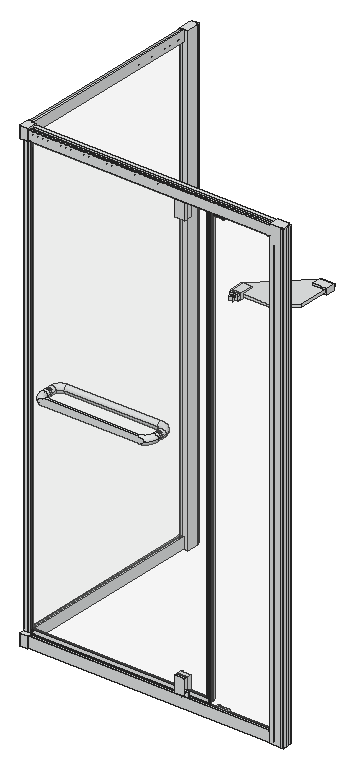
Revit family "Shower-Shower_Door-KOHLER-SKYLINE-K-81019T_1", category Specialty Equipment, host Face, Revit 2017
Family settings
  Host = Face
  Round Connector Dimension = Use Diameter
  Part Type = Normal
  OmniClass Number = 23.31.17.17
  OmniClass Title = Shower Enclosures
  Cut with Voids When Loaded = No
  Shared = No
  Room Calculation Point = No
Parameters (values of type "SHP-Polished Bright Silver")
  Width = 42 123/256"  # constant formula
  WaterSense Certified = 1 = 0  # no
  URL = "http://www.kohler.com.cn/"
  Type = 1
  Product Page URL = "https://www.kohler.com.cn/product/K-81019T/K-81019T-FM-SHP/"
  Product Name = "SKYLINE"  # constant formula
  Product Documentation Link = "https://files.kohler.com.cn/pdfs/1515230066930_K-81019T.pdf"
  Model = if(Type = 1, "K-81019T-FM-SHP", if(Type = 2, "K-81019T-FM-2BL", "NA"))  # "K-81019T-FM-SHP"
  Material = "Premium Metal Construction"  # constant formula
  Master Format 2014 Name = "Shower Doors"  # constant formula
  Master Format 2014 = "10 28 19.16"  # constant formula
  Manufacturer Address = "Kohler Beijing Office (100016) 36-2-03-B, No. 88, Liuxiang Road, Beijing"  # constant formula
  Manufacturer = "KOHLER Co."  # constant formula
  Length = 36 5/64"  # constant formula
  Height = 74 59/64"  # constant formula
  Finish = Kohler-Metal-SHP-Bright_Polished_Silver
  Environmental Product Declaration = ""
  Description = "Open door shower room, L type"  # constant formula
  Default Elevation = 0"
  Declare Label = ""
  Date Modified = "08/30/2020"  # constant formula
  Date Created = "08/30/2020"  # constant formula
  Copyright = "Copyright KOHLER Co."  # constant formula
  Contact Us = "http://www.kohler.com.cn/contact/contact-us/"
  Assembly Code = "C1030200"
  ADA Compliant = 1 = 0  # no
Types (3): name | Type | Product Page URL | Model | Finish
  (no name) | 1 | "https://www.kohler.com.cn/product/K-81019T/K-81019T-FM-SHP/" | "K-81019T-FM-SHP" | Kohler-Metal-SHP-Bright_Polished_Silver
  SHP-Polished Bright Silver | 1 | "https://www.kohler.com.cn/product/K-81019T/K-81019T-FM-SHP/" | "K-81019T-FM-SHP" | Kohler-Metal-SHP-Bright_Polished_Silver
  2BL-Original Black | 2 | "https://www.kohler.com.cn/product/K-81019T/K-81019T-FM-2BL/" | "K-81019T-FM-2BL" | Kohler-Metal-2BL-Original_Black
Reference planes (in)
  plane 1 "Center (Front/Back)": y = 0
  plane 2: z = 0
  plane 3 "Center (Left/Right)": x = 0
  plane 4: x = -21.24016
  plane 5: x = 21.24031
  plane 6: x = -19.90945
  plane 7: x = 8.79134
  plane 8: x = 19.0748
  plane 9: z = 74.92187
  plane 10: z = 73.15022
  plane 11: z = 70.29567
  plane 12: z = 62.06693
  plane 13: z = 37.38189
  plane 14: z = 1.75299
  plane 15: z = 4.27267
  plane 16: x = 3.44656
  plane 17: x = 5.1001
  plane 18: y = 0.77462
  plane 19: y = -0.84269
  plane 20: y = -2.27514
  plane 21: y = 2.55696
  plane 22: y = 9.82973
  plane 23: y = 1.73018
  plane 24: y = -1.44837
  plane 25: x = -8.52362
  plane 26: x = -17.97244
  plane 27: x = 0.9252
  plane 28: y = 33.80298
  plane 29: y = 31.36517
  plane 30: y = -0.98118
Dimensions and locks (in)
  "Width": plane 4 to plane 5
  locked: plane 6 to plane 7 at 28.70079
  locked: plane 15 to plane 14 at 2.51969
  locked: plane 16 to plane 17 at 1.65354
  locked: plane 13 to plane 2 at 37.38189
  locked: plane 12 to plane 2 at 62.06693
  "Height": plane 9 to plane 2
  locked: plane 9 to plane 10 at 1.77165
  locked: plane 26 to plane 27 at 18.89764
  locked: plane 4 to plane 25 at 12.71654
  locked: plane 18 to plane 22 at 9.05512
  locked: plane 20 to plane 22 at 12.10488
  locked: plane 28 to plane 19 at 34.64567
  locked: plane 29 to plane 18 at 30.59055
  "Length": plane 28 to plane 20
  plane 21 to plane 20 = 4.8321"
  plane 21 to plane 23 = 0.82677"
  plane 24 to plane 20 = 0.82677"
  aligned and locked: plane 2 to host face
  aligned and locked: level to host face
Automatic sketch dimensions
  host sketch curve to host sketch curve = 96"  (x2)
Nested families (in)
  nested 1: "K-81019T" at (0, 0, 0), type "K-81019T"
Definition of nested family "K-81019T"
  Parameters (values of type "K-81019T")
    Material = none
    Default Elevation = 48"
  Reference planes (in)
    plane 1 "Center (Front/Back)": y = 0
    plane 2: z = 0
    plane 3 "Center (Left/Right)": x = 0
    plane 4: x = -21.24016
    plane 5: x = 21.24016
    plane 6: x = -19.90945
    plane 7: x = 8.79134
    plane 8: x = 19.0748
    plane 9: z = 1.75299
    plane 10: z = 4.27267
    plane 11: x = 3.44656
    plane 12: x = 5.1001
    plane 13: z = 37.38189
    plane 14: z = 62.06693
    plane 15: z = 74.92126
    plane 16: z = 73.14961
    plane 17: x = -8.52362
    plane 18: x = -17.97244
    plane 19: x = 0.9252
    plane 20: y = 9.82973
    plane 21: y = 0.77462
    plane 22: y = 31.36517
    plane 23: y = 33.80437
    plane 24: y = -0.8413
    plane 25: y = 2.55696
    plane 26: y = -2.27514
    plane 27: y = -1.44837
    plane 28: y = 1.73018
  Forms (in)
    Extrusion 1, solid, material <- "Material", detail levels medium+fine
      sketch origin (0, 0, 0) x (1, 0, 0) y (0, 1, 0)
        loop
          line (20.82477, 0.7738) -> (19.0748, 0.7738) -> (19.0748, 0.38768)
          arc (19.0748, 0.38768) -> (19.10621, 0.35744) -> (19.13523, 0.38998) r 0.03026
          line (19.13523, 0.38998) -> (19.72608, 0.38998) -> (19.72608, -0.12655) -> (19.14016, -0.12655)
          arc (19.14016, -0.12655) -> (19.10848, -0.09192) -> (19.0748, -0.12461) r 0.03271
          line (19.0748, -0.12461) -> (19.0748, -0.7738) -> (20.82514, -0.7738)
          arc (20.82514, -0.7738) -> (20.84021, -0.76755) -> (20.84646, -0.75248) r 0.02132
          line (20.84646, -0.75248) -> (20.84646, -0.70884) -> (21.21874, -0.70884)
          arc (21.21874, -0.70884) -> (21.23388, -0.70256) -> (21.24016, -0.68742) r 0.02142
          line (21.24016, -0.68742) -> (21.24016, -0.14751) -> (21.20751, -0.1357) -> (21.24016, -0.12389) -> (21.24016, 0.12389) -> (21.20751, 0.1357) -> (21.24016, 0.14751) -> (21.24016, 0.68867)
          arc (21.24016, 0.68867) -> (21.23425, 0.70293) -> (21.21999, 0.70884) r 0.02017
          line (21.21999, 0.70884) -> (20.84646, 0.70884) -> (20.84646, 0.75211)
          arc (20.84646, 0.75211) -> (20.8401, 0.76745) -> (20.82477, 0.7738) r 0.02169
      from 0 to 74.92126
    Extrusion 2, solid, material <- "Material", detail levels medium+fine
      sketch origin (0, 0, 0) x (1, 0, 0) y (0, 1, 0)
        loop
          arc (8.74409, -0.10419) -> (8.73616, -0.12334) -> (8.71702, -0.13127) r 0.02708
          line (8.71702, -0.13127) -> (8.44488, -0.13127) -> (8.44488, -0.09531) -> (8.39764, -0.09531) -> (8.39764, -0.13505)
          arc (8.39764, -0.13505) -> (8.40352, -0.15003) -> (8.41804, -0.157) r 0.022
          arc (8.41804, -0.157) -> (8.59202, -0.16676) -> (8.76623, -0.17058) r 5.11599
          arc (8.76623, -0.17058) -> (8.78398, -0.16331) -> (8.79134, -0.1456) r 0.02498
          line (8.79134, -0.1456) -> (8.79134, 0.22636)
          arc (8.79134, 0.22636) -> (8.7999, 0.24704) -> (8.82058, 0.25561) r 0.02924
          line (8.82058, 0.25561) -> (9.24564, 0.25561)
          arc (9.24564, 0.25561) -> (9.26533, 0.27529) -> (9.24564, 0.29498) r 0.01969
          line (9.24564, 0.29498) -> (8.79141, 0.29498)
          arc (8.79141, 0.29498) -> (8.6046, 0.29156) -> (8.41804, 0.28133) r 5.11599
          arc (8.41804, 0.28133) -> (8.40352, 0.27437) -> (8.39764, 0.25939) r 0.022
          line (8.39764, 0.25939) -> (8.39764, 0.21965) -> (8.44488, 0.21965) -> (8.44488, 0.25561) -> (8.72152, 0.25561)
          arc (8.72152, 0.25561) -> (8.73748, 0.24899) -> (8.74409, 0.23303) r 0.02258
          line (8.74409, 0.23303) -> (8.74409, -0.10419)
      from 2.5004 to 72.69725
    Extrusion 3, solid, material <- "Material", detail levels medium+fine
      sketch origin (0, 0, 0) x (1, 0, 0) y (0, 1, 0)
        loop
          line (-21.07093, -0.11972) -> (-20.99674, -0.19391)
          arc (-20.99674, -0.19391) -> (-20.79989, -0.21264) -> (-20.60307, -0.19361) r 1.03561
          line (-20.60307, -0.19361) -> (-20.31492, -0.19361)
          arc (-20.31492, -0.19361) -> (-20.11021, -0.17937) -> (-19.90945, -0.13693) r 1.47864
          arc (-19.90945, -0.13693) -> (-19.89496, -0.11145) -> (-19.92016, -0.09647) r 0.02093
          arc (-19.92016, -0.09647) -> (-20.13761, -0.13721) -> (-20.35821, -0.15397) r 2.02428
          arc (-20.35821, -0.15397) -> (-20.37915, -0.14568) -> (-20.38788, -0.12492) r 0.02905
          line (-20.38788, -0.12492) -> (-20.38788, 0.24426)
          arc (-20.38788, 0.24426) -> (-20.37778, 0.26844) -> (-20.35348, 0.27825) r 0.03399
          arc (-20.35348, 0.27825) -> (-20.13919, 0.26213) -> (-19.92863, 0.21919) r 1.7055
          arc (-19.92863, 0.21919) -> (-19.90063, 0.23519) -> (-19.9165, 0.26325) r 0.02285
          arc (-19.9165, 0.26325) -> (-20.11384, 0.30421) -> (-20.31492, 0.31794) r 1.47864
          line (-20.31492, 0.31794) -> (-20.69698, 0.31794) -> (-20.69698, 0.47406)
          arc (-20.69698, 0.47406) -> (-20.71224, 0.67721) -> (-20.75769, 0.8758) r 1.35971
          arc (-20.75769, 0.8758) -> (-20.7819, 0.88888) -> (-20.79544, 0.86492) r 0.01965
          arc (-20.79544, 0.86492) -> (-20.75258, 0.65229) -> (-20.73664, 0.43596) r 1.73221
          arc (-20.73664, 0.43596) -> (-20.74661, 0.41134) -> (-20.77113, 0.4011) r 0.03449
          line (-20.77113, 0.4011) -> (-21.14561, 0.4011)
          arc (-21.14561, 0.4011) -> (-21.16226, 0.40807) -> (-21.16899, 0.42481) r 0.02339
          arc (-21.16899, 0.42481) -> (-21.15293, 0.64884) -> (-21.11121, 0.86952) r 1.94873
          arc (-21.11121, 0.86952) -> (-21.12486, 0.8929) -> (-21.14857, 0.87982) r 0.01939
          arc (-21.14857, 0.87982) -> (-21.19346, 0.67914) -> (-21.20853, 0.47406) r 1.40294
          line (-21.20853, 0.47406) -> (-21.20853, 0.34598)
          arc (-21.20853, 0.34598) -> (-21.2267, 0.14977) -> (-21.20853, -0.04644) r 1.06826
          line (-21.20853, -0.04644) -> (-21.12719, -0.12778)
          arc (-21.12719, -0.12778) -> (-21.09705, -0.13782) -> (-21.07093, -0.11972) r 0.03551
      from 1.98645 to 72.69725
    Extrusion 4, solid, material <- "Material", detail levels medium+fine
      sketch origin (0, 0, 0) x (1, 0, 0) y (0, 1, 0)
        loop
          line (-21.24016, 33.3113) -> (-21.24016, 31.36517) -> (-21.17916, 31.36517)
          arc (-21.17916, 31.36517) -> (-21.15037, 31.39495) -> (-21.1811, 31.42273) r 0.02881
          line (-21.1811, 31.42273) -> (-21.1811, 31.95739) -> (-20.62475, 31.95739) -> (-20.62475, 31.42357)
          arc (-20.62475, 31.42357) -> (-20.65602, 31.39543) -> (-20.6268, 31.36517) r 0.02924
          line (-20.6268, 31.36517) -> (-19.90945, 31.36517) -> (-19.90945, 33.31116)
          arc (-19.90945, 33.31116) -> (-19.91553, 33.32584) -> (-19.93022, 33.33193) r 0.02077
          line (-19.93022, 33.33193) -> (-19.97405, 33.33193) -> (-19.97405, 33.78468)
          arc (-19.97405, 33.78468) -> (-19.97982, 33.7986) -> (-19.99374, 33.80437) r 0.01969
          line (-19.99374, 33.80437) -> (-20.27948, 33.80437) -> (-20.29129, 33.76029) -> (-20.3031, 33.80437) -> (-20.55087, 33.80437) -> (-20.56268, 33.76029) -> (-20.57449, 33.80437) -> (-21.15377, 33.80437)
          arc (-21.15377, 33.80437) -> (-21.16892, 33.79809) -> (-21.1752, 33.78294) r 0.02142
          line (-21.1752, 33.78294) -> (-21.1752, 33.33193) -> (-21.21954, 33.33193)
          arc (-21.21954, 33.33193) -> (-21.23412, 33.32589) -> (-21.24016, 33.3113) r 0.02062
      from 0 to 74.92126
    Extrusion 5, solid, detail levels medium+fine
      sketch origin (0, 0, 0) x (1, 0, 0) y (0, 1, 0)
        loop
          line (19.68671, 0.21965) -> (8.91425, 0.21965) -> (8.87488, 0.18028) -> (8.87488, -0.05594) -> (8.91425, -0.09531) -> (19.68671, -0.09531) -> (19.72608, -0.05594) -> (19.72608, 0.18028) -> (19.68671, 0.21965)
      from 1.35867 to 73.44448
    Extrusion 6, solid, detail levels medium+fine
      sketch origin (0, 0, 0) x (1, 0, 0) y (0, 1, 0)
        loop
          line (-20.34851, 0.21965) -> (-20.38788, 0.18028) -> (-20.38788, -0.05594) -> (-20.34851, -0.09531) -> (8.70472, -0.09531) -> (8.74409, -0.05594) -> (8.74409, 0.18028) -> (8.70472, 0.21965) -> (-20.34851, 0.21965)
      from 2.04551 to 72.69725
    Extrusion 7, solid, detail levels medium+fine
      sketch origin (0, 0, 0) x (1, 0, 0) y (0, 1, 0)
        loop
          line (-21.11024, 31.91802) -> (-21.11024, 0.44047) -> (-21.07087, 0.4011) -> (-20.83465, 0.4011) -> (-20.79528, 0.44047) -> (-20.79528, 31.91802) -> (-20.83465, 31.95739) -> (-21.07087, 31.95739) -> (-21.11024, 31.91802)
      from 1.37611 to 73.54498
    Extrusion 8, solid, material <- "Material", detail levels medium+fine
      sketch origin (0, 0, 0) x (0, 1, 0) y (0, 0, 1)
        loop
          line (-0.71474, 0) -> (0.77462, 0) -> (0.77462, 1.09192) -> (0.50786, 1.35867) -> (-0.18193, 1.35867) -> (-0.18193, 1.67877) -> (-0.61641, 1.69394) -> (-0.66732, 1.74485)
          arc (-0.66732, 1.74485) -> (-0.69759, 1.75087) -> (-0.71474, 1.7252) r 0.02778
          line (-0.71474, 1.7252) -> (-0.71474, 0)
      from -19.90945 to 19.0748
    Extrusion 9, solid, material <- "Material", detail levels medium+fine
      sketch origin (0, 0, 0) x (0, 1, 0) y (0, 0, 1)
        loop
          line (-0.1423, 2.04551) -> (-0.1423, 2.42953) -> (-0.09531, 2.42953) -> (-0.09531, 2.5004) -> (-0.15437, 2.5004)
          arc (-0.15437, 2.5004) -> (-0.18198, 2.24411) -> (-0.18989, 1.98645) r 3.36494
          line (-0.18989, 1.98645) -> (0.03264, 1.98645) -> (0.0453, 1.69645)
          arc (0.0453, 1.69645) -> (0.06217, 1.68031) -> (0.07903, 1.69645) r 0.01688
          line (0.07903, 1.69645) -> (0.09169, 1.98645) -> (0.28658, 1.98645) -> (0.74378, 1.81095)
          arc (0.74378, 1.81095) -> (0.77051, 1.82257) -> (0.75936, 1.84949) r 0.02079
          line (0.75936, 1.84949) -> (0.31189, 2.03943)
          arc (0.31189, 2.03943) -> (0.30786, 2.27082) -> (0.2787, 2.5004) r 2.12667
          line (0.2787, 2.5004) -> (0.21965, 2.5004) -> (0.21965, 2.42953) -> (0.25444, 2.42953) -> (0.26925, 2.04551) -> (-0.1423, 2.04551)
      from -19.90945 to 8.79134
    Extrusion 10, solid, material <- "Material", detail levels medium+fine
      sketch origin (0, 0, 0) x (1, 0, 0) y (0, 0, 1)
        loop
          line (-21.13979, 1.75299) -> (-21.17842, 1.75299)
          arc (-21.17842, 1.75299) -> (-21.19424, 1.74644) -> (-21.20079, 1.73062) r 0.02236
          line (-21.20079, 1.73062) -> (-21.20079, 0) -> (-20.57, 0) -> (-20.57, 1.73301)
          arc (-20.57, 1.73301) -> (-20.57585, 1.74713) -> (-20.58998, 1.75299) r 0.01998
          line (-20.58998, 1.75299) -> (-20.76458, 1.75299)
          arc (-20.76458, 1.75299) -> (-20.79256, 1.72404) -> (-20.76268, 1.69707) r 0.02799
          line (-20.76268, 1.69707) -> (-20.76268, 1.37611) -> (-21.14173, 1.37611) -> (-21.14173, 1.69397)
          arc (-21.14173, 1.69397) -> (-21.11027, 1.72248) -> (-21.13979, 1.75299) r 0.02954
      from -31.36517 to -0.77462
    Extrusion 11, solid, material <- "Material", detail levels medium+fine
      sketch origin (0, 0, 0) x (1, 0, 0) y (0, 1, 0)
        loop
          line (-21.04331, -0.8413) -> (-19.9305, -0.8413)
          arc (-19.9305, -0.8413) -> (-19.91561, -0.83514) -> (-19.90945, -0.82026) r 0.02105
          line (-19.90945, -0.82026) -> (-19.90945, 0.81063)
          arc (-19.90945, 0.81063) -> (-19.91585, 0.82609) -> (-19.93132, 0.8325) r 0.02187
          line (-19.93132, 0.8325) -> (-20.69698, 0.8325) -> (-20.69698, 0.4011) -> (-21.16142, 0.4011) -> (-21.16142, 1.02812)
          arc (-21.16142, 1.02812) -> (-21.16754, 1.04291) -> (-21.18234, 1.04903) r 0.02092
          line (-21.18234, 1.04903) -> (-21.21863, 1.04903)
          arc (-21.21863, 1.04903) -> (-21.23385, 1.04273) -> (-21.24016, 1.02751) r 0.02153
          line (-21.24016, 1.02751) -> (-21.24016, -0.64445)
          arc (-21.24016, -0.64445) -> (-21.1825, -0.78365) -> (-21.04331, -0.8413) r 0.19685
      from 0 to 1.75299
    Extrusion 12, solid, material <- "Material", detail levels medium+fine
      sketch origin (0, 0, 0) x (0, 1, 0) y (0, 0, 1)
        loop
          line (0.7738, 73.7506) -> (0.7738, 74.80315) -> (0.11732, 74.80315) -> (0.11732, 74.44791) -> (0.00809, 74.44791) -> (0.00809, 74.53385) -> (-0.05531, 74.53385)
          arc (-0.05531, 74.53385) -> (-0.07035, 74.51881) -> (-0.05531, 74.50376) r 0.01505
          line (-0.05531, 74.50376) -> (-0.02358, 74.50376) -> (-0.02358, 74.44649) -> (-0.1535, 74.44649) -> (-0.1535, 74.50376) -> (-0.12256, 74.50376)
          arc (-0.12256, 74.50376) -> (-0.10752, 74.51881) -> (-0.12256, 74.53385) r 0.01505
          line (-0.12256, 74.53385) -> (-0.185, 74.53385) -> (-0.185, 74.44791) -> (-0.31015, 74.44791) -> (-0.31015, 74.80315) -> (-0.43395, 74.80315) -> (-0.43395, 74.4794)
          arc (-0.43395, 74.4794) -> (-0.44076, 74.46295) -> (-0.45721, 74.45614) r 0.02326
          line (-0.45721, 74.45614) -> (-0.53788, 74.45614)
          arc (-0.53788, 74.45614) -> (-0.6081, 74.4337) -> (-0.65229, 74.37469) r 0.12107
          arc (-0.65229, 74.37469) -> (-0.6618, 74.36199) -> (-0.67691, 74.35716) r 0.02606
          line (-0.67691, 74.35716) -> (-0.72551, 74.35716) -> (-0.72551, 74.80315) -> (-0.7738, 74.80315) -> (-0.7738, 73.17881)
          arc (-0.7738, 73.17881) -> (-0.75577, 73.15183) -> (-0.72395, 73.15816) r 0.0292
          line (-0.72395, 73.15816) -> (-0.67761, 73.20451) -> (-0.18193, 73.22182) -> (-0.18193, 73.44448) -> (0.46768, 73.44448) -> (0.7738, 73.7506)
      from -19.90945 to 19.0748
    Extrusion 13, solid, material <- "Material", detail levels medium+fine
      sketch origin (0, 0, 0) x (1, 0, 0) y (0, 1, 0)
        loop
          arc (-21.24016, -0.64445) -> (-21.1825, -0.78365) -> (-21.04331, -0.8413) r 0.19685
          line (-21.04331, -0.8413) -> (-19.90945, -0.8413) -> (-19.90945, 0.8325) -> (-20.51969, 0.8325) -> (-20.51969, 1.04903) -> (-20.57, 1.04903) -> (-20.57, 0.97029) -> (-21.20079, 0.97029) -> (-21.20079, 1.04903) -> (-21.24016, 1.04903) -> (-21.24016, -0.64445)
      from 73.14961 to 74.92126
    Extrusion 14, solid, material <- "Material", detail levels medium+fine
      sketch origin (0, 0, 0) x (1, 0, 0) y (0, 0, 1)
        loop
          line (-20.57, 74.80315) -> (-20.85039, 74.80315) -> (-20.85039, 74.75591) -> (-20.62561, 74.75591) -> (-20.62561, 74.63561) -> (-20.85039, 74.63561) -> (-20.85039, 74.57754) -> (-20.62561, 74.57754) -> (-20.62561, 74.45726) -> (-21.14173, 74.45726) -> (-21.14173, 74.80315) -> (-21.20079, 74.80315) -> (-21.20079, 73.14961) -> (-21.13979, 73.14961)
          arc (-21.13979, 73.14961) -> (-21.10707, 73.18331) -> (-21.14173, 73.21502) r 0.03274
          line (-21.14173, 73.21502) -> (-21.14173, 73.54498) -> (-20.62561, 73.54498) -> (-20.62561, 73.21358)
          arc (-20.62561, 73.21358) -> (-20.65951, 73.18257) -> (-20.62752, 73.14961) r 0.03201
          line (-20.62752, 73.14961) -> (-20.57, 73.14961) -> (-20.57, 74.80315)
      from -31.36517 to -0.97029
    Extrusion 15, solid, material <- "Material", detail levels medium+fine
      sketch origin (0, 0, 0) x (0, 1, 0) y (0, 0, 1)
        loop
          line (0.72003, 4.27267) -> (0.21965, 4.27267) -> (0.21965, 2.04551) -> (-0.09531, 2.04551) -> (-0.09531, 4.27267) -> (-0.42906, 4.27267)
          arc (-0.42906, 4.27267) -> (-0.45753, 4.26088) -> (-0.46933, 4.2324) r 0.04027
          line (-0.46933, 4.2324) -> (-0.46933, 1.7117) -> (-0.18193, 1.7117) -> (-0.18193, 1.35867) -> (0.50786, 1.35867) -> (0.7738, 1.09273) -> (0.7738, 1.69331) -> (0.21965, 1.69331) -> (0.21965, 1.94922) -> (0.67336, 1.94922)
          arc (0.67336, 1.94922) -> (0.74438, 1.97864) -> (0.7738, 2.04966) r 0.10044
          line (0.7738, 2.04966) -> (0.7738, 4.2189)
          arc (0.7738, 4.2189) -> (0.75805, 4.25692) -> (0.72003, 4.27267) r 0.05377
      from 3.44656 to 5.1001
    Extrusion 16, solid, material <- "Material", detail levels medium+fine
      sketch origin (0, 0, 0) x (0, 1, 0) y (0, 0, 1)
        loop
          line (-0.20293, 1.69927) -> (-0.20293, 1.87325) -> (-0.67537, 1.87325) -> (-0.67537, 1.71577) -> (-0.20293, 1.69927)
      from 4.86107 to 6.00394
    Revolve 17, solid, material <- "Material", detail levels medium+fine
      sketch origin (-0.00057, -0.44248, 0) x (1, 0, 0) y (0, 0, 1)
        loop
          line (5.43307, 2.66065) -> (5.43307, 1.87325) -> (5.66054, 1.87325) -> (5.66054, 2.63924)
          arc (5.66054, 2.63924) -> (5.65427, 2.65438) -> (5.63913, 2.66065) r 0.02141
          line (5.63913, 2.66065) -> (5.43307, 2.66065)
        axis (5.43307, 1.87325) -> (5.43307, 2.66065)
      angle from 0 to 360
    Extrusion 18, solid, material <- "Material", detail levels medium+fine
      sketch origin (0, 0, 0) x (0, 1, 0) y (0, 0, 1)
        loop
          line (0.74974, 1.45047) -> (0.48102, 1.71919)
          arc (0.48102, 1.71919) -> (0.45735, 1.735) -> (0.42944, 1.74056) r 0.07296
          line (0.42944, 1.74056) -> (0.21965, 1.74056) -> (0.21965, 1.35867) -> (0.50786, 1.35867) -> (0.7738, 1.09273) -> (0.7738, 1.39239)
          arc (0.7738, 1.39239) -> (0.76755, 1.42382) -> (0.74974, 1.45047) r 0.08214
      from 9.7064 to 11.39826
    Extrusion 19, solid, material <- "Material", detail levels medium+fine
      sketch origin (0, 0, 0) x (1, 0, 0) y (0, 0, 1)
        loop
          line (12.22608, 62.42166) -> (12.22608, 61.713)
          arc (12.22608, 61.713) -> (12.25491, 61.6434) -> (12.32451, 61.61457) r 0.09843
          line (12.32451, 61.61457) -> (13.50561, 61.61457)
          arc (13.50561, 61.61457) -> (13.57521, 61.6434) -> (13.60404, 61.713) r 0.09843
          line (13.60404, 61.713) -> (13.60404, 62.42166)
          arc (13.60404, 62.42166) -> (13.57521, 62.49126) -> (13.50561, 62.52008) r 0.09843
          line (13.50561, 62.52008) -> (12.32451, 62.52008)
          arc (12.32451, 62.52008) -> (12.25491, 62.49126) -> (12.22608, 62.42166) r 0.09843
      from 0.09531 to 0.35122
    Extrusion 20, solid, material <- "Material", detail levels medium+fine
      sketch origin (0, 0, 0) x (1, 0, 0) y (0, 0, 1)
        loop
          line (12.71821, 62.20512) -> (12.71821, 61.92953)
          arc (12.71821, 61.92953) -> (12.72974, 61.90169) -> (12.75758, 61.89016) r 0.03937
          line (12.75758, 61.89016) -> (13.07254, 61.89016)
          arc (13.07254, 61.89016) -> (13.10038, 61.90169) -> (13.11191, 61.92953) r 0.03937
          line (13.11191, 61.92953) -> (13.11191, 62.20512)
          arc (13.11191, 62.20512) -> (13.10038, 62.23296) -> (13.07254, 62.24449) r 0.03937
          line (13.07254, 62.24449) -> (12.75758, 62.24449)
          arc (12.75758, 62.24449) -> (12.72974, 62.23296) -> (12.71821, 62.20512) r 0.03937
      from -0.21965 to 0.82366
    Extrusion 21, solid, material <- "Material", detail levels medium+fine
      sketch origin (0, 0, 0) x (1, 0, 0) y (0, 0, 1)
        loop
          line (12.54104, 62.30355) -> (12.54104, 61.83111)
          arc (12.54104, 61.83111) -> (12.56411, 61.77543) -> (12.61978, 61.75237) r 0.07874
          line (12.61978, 61.75237) -> (13.21034, 61.75237)
          arc (13.21034, 61.75237) -> (13.26601, 61.77543) -> (13.28908, 61.83111) r 0.07874
          line (13.28908, 61.83111) -> (13.28908, 62.30355)
          arc (13.28908, 62.30355) -> (13.26601, 62.35923) -> (13.21034, 62.38229) r 0.07874
          line (13.21034, 62.38229) -> (12.61978, 62.38229)
          arc (12.61978, 62.38229) -> (12.56411, 62.35923) -> (12.54104, 62.30355) r 0.07874
      from 0.82366 to 0.98114
    Extrusion 22, solid, material <- "Material", detail levels medium+fine
      sketch origin (0, 0, 0) x (1, 0, 0) y (0, 1, 0)
        loop
          line (18.94247, 9.82973) -> (11.69459, 2.58185) -> (11.69459, 0.57398) -> (18.26939, 0.57398) -> (20.98593, 3.29051) -> (20.98593, 9.82973) -> (18.94247, 9.82973)
      from 61.87048 to 62.26418
    Extrusion 23, solid, material <- "Material", detail levels medium+fine
      sketch origin (0, 0, 0) x (1, 0, 0) y (0, 1, 0)
        loop
          line (12.22608, 0.21965) -> (13.60404, 0.21965) -> (13.60404, 2.44406) -> (12.22608, 2.44406) -> (12.22608, 0.21965)
        loop
          line (21.24016, 7.9165) -> (21.24016, 9.29445) -> (19.0748, 9.29445) -> (19.0748, 7.9165) -> (21.24016, 7.9165)
      from 61.61457 to 62.52008
    Extrusion 24, void
      sketch origin (0, 0, 0) x (1, 0, 0) y (0, 1, 0)
        loop
          line (20.98593, 7.1291) -> (20.98593, 9.82973) -> (11.83238, 9.82973) -> (11.83238, 0.57398) -> (14.43081, 0.57398) -> (20.98593, 7.1291)
      from 61.87048 to 62.26418
    Extrusion 25, solid, material <- "Material", detail levels medium+fine
      sketch origin (0, 0, 0) x (0, 1, 0) y (0, 0, 1)
        loop
          line (0.21965, 70.29567) -> (0.7787, 70.29567) -> (0.7787, 73.44448) -> (0.21965, 73.44448) -> (0.21965, 70.29567)
        loop
          line (-0.09531, 70.29567) -> (-0.09531, 73.21502) -> (-0.46933, 73.21502) -> (-0.46933, 70.29567) -> (-0.09531, 70.29567)
      from 3.44656 to 5.1001
    Extrusion 26, solid, material <- "Material", detail levels medium+fine
      sketch origin (0, 0, 0) x (0, 1, 0) y (0, 0, 1)
        loop
          line (-0.30987, 72.61771) -> (-0.09531, 72.61771) -> (-0.09531, 73.22484) -> (-0.33929, 73.21632) -> (-0.33929, 72.64713)
          arc (-0.33929, 72.64713) -> (-0.33067, 72.62633) -> (-0.30987, 72.61771) r 0.02941
        loop
          line (0.21965, 72.61771) -> (0.40463, 72.61771)
          arc (0.40463, 72.61771) -> (0.422, 72.62491) -> (0.42919, 72.64228) r 0.02457
          line (0.42919, 72.64228) -> (0.42919, 73.44448) -> (0.21965, 73.44448) -> (0.21965, 72.61771)
      from 9.72608 to 11.37963
    Sweep 27, solid, material <- "Material", detail levels medium+fine
      path origin (0, 0, 0) x (1, 0, 0) y (0, 1, 0)
        loop
          line (-16.80801, 0.31189) -> (-16.80801, 0.98215)
          arc (-16.80801, 0.98215) -> (-16.58892, 1.51109) -> (-16.05998, 1.73018) r 0.74803
          line (-16.05998, 1.73018) -> (-1.066, 1.73018)
          arc (-1.066, 1.73018) -> (-0.48139, 1.48803) -> (-0.23923, 0.90341) r 0.82677
          line (-0.23923, 0.90341) -> (-0.23923, 0.31189)
      profile origin (-16.80801, 0.64702, 0) x (-1, 0, 0) y (0, 0, 1)
        loop
          circle (0.58221, 37.38189) r 0.58221
    Sweep 28, solid, material <- "Material", detail levels medium+fine
      path origin (0, 0.27771, 0) x (1, 0, 0) y (0, -1, 0)
        loop
          line (-16.80801, 0.4676) -> (-16.80801, 0.98215)
          arc (-16.80801, 0.98215) -> (-16.58892, 1.51109) -> (-16.05998, 1.73018) r 0.74803
          line (-16.05998, 1.73018) -> (-1.066, 1.73018)
          arc (-1.066, 1.73018) -> (-0.48139, 1.48803) -> (-0.23923, 0.90341) r 0.82677
          line (-0.23923, 0.90341) -> (-0.23923, 0.4676)
      profile origin (-16.80801, -0.44717, 0) x (1, 0, 0) y (0, 0, 1)
        loop
          circle (-0.58221, 37.38189) r 0.58221
    Extrusion 29, void
      sketch origin (0, 0, 0) x (1, 0, 0) y (0, 1, 0)
        loop
          line (-18.87725, 2.55696) -> (0.9252, 2.55696) -> (0.9252, 4.50004) -> (-18.87725, 4.50004) -> (-18.87725, 2.55696)
        loop
          line (-18.87725, -2.27514) -> (-18.87725, -4.1616) -> (0.9252, -4.1616) -> (0.9252, -2.27514) -> (-18.87725, -2.27514)
      from 30.69557 to 42.46835
    Extrusion 30, solid, material <- "Material", detail levels medium+fine
      sketch origin (0, 0, 0) x (1, 0, 0) y (0, 1, 0)
        loop
          arc (19.13523, 0.38998) -> (19.10621, 0.35744) -> (19.0748, 0.38768) r 0.03026
          line (19.0748, 0.38768) -> (19.0748, -0.12461)
          arc (19.0748, -0.12461) -> (19.10848, -0.09192) -> (19.14016, -0.12655) r 0.03271
          line (19.14016, -0.12655) -> (19.72608, -0.12655) -> (19.72608, 0.38998) -> (19.13523, 0.38998)
      from 73.44448 to 74.92126
    Revolve 31, solid, material <- "Material", detail levels medium+fine
      sketch origin (0, 0, 37.38189) x (1, 0, 0) y (0, 1, 0)
        loop
          line (0.34298, 0.31189) -> (-0.05072, 0.31189) -> (-0.05072, -0.18989) -> (0.34298, -0.18989) -> (0.34298, 0.31189)
        axis (0.34298, 0.31189) -> (0.34298, -0.18989)
      angle from 0 to 360
    Revolve 32, solid, material <- "Material", detail levels medium+fine
      sketch origin (-17.04724, 0, 37.38189) x (-1, 0, 0) y (0, -1, 0)
        loop
          line (0.34298, -0.31189) -> (0.34298, 0.18989) -> (-0.05072, 0.18989) -> (-0.05072, -0.31189) -> (0.34298, -0.31189)
        axis (0.34298, -0.31189) -> (0.34298, 0.18989)
      angle from 0 to 360
    Extrusion 33, solid, material <- "Material", detail levels medium+fine
      sketch origin (0, 0, 0) x (1, 0, 0) y (0, 1, 0)
        loop
          arc (-21.1811, 31.42273) -> (-21.15037, 31.39495) -> (-21.17916, 31.36517) r 0.02881
          line (-21.17916, 31.36517) -> (-20.6268, 31.36517)
          arc (-20.6268, 31.36517) -> (-20.65602, 31.39543) -> (-20.62475, 31.42357) r 0.02924
          line (-20.62475, 31.42357) -> (-20.62475, 31.95739) -> (-21.1811, 31.95739) -> (-21.1811, 31.42273)
      from 73.54498 to 74.92126
    Extrusion 34, solid, material <- "Material", detail levels coarse
      sketch origin (0, 0, 0) x (1, 0, 0) y (0, 0, 1)
        loop
          line (21.24016, 74.92126) -> (-21.24016, 74.92126) -> (-21.24016, 0) -> (21.24016, 0) -> (21.24016, 74.92126)
        loop
          line (-19.90945, 1.69394) -> (3.44656, 1.69394) -> (3.44656, 4.27267) -> (5.1001, 4.27267) -> (5.1001, 1.69394) -> (8.44488, 1.69394) -> (8.44488, 73.14961) -> (5.1001, 73.14961) -> (5.1001, 70.29567) -> (3.44656, 70.29567) -> (3.44656, 73.14961) -> (-19.90945, 73.14961) -> (-19.90945, 1.69394)
        loop
          line (9.26533, 73.14961) -> (9.26533, 1.69394) -> (19.0748, 1.69394) -> (19.0748, 73.14961) -> (9.26533, 73.14961)
      from -0.93516 to 0.7738
    Extrusion 35, solid, material <- "Material", detail levels coarse
      sketch origin (0, 0, 0) x (0, 1, 0) y (0, 0, 1)
        loop
          line (33.80437, 74.92126) -> (0.93516, 74.92126) -> (0.93516, 73.14961) -> (31.36517, 73.14961) -> (31.36517, 1.69397) -> (0.93516, 1.69397) -> (0.93516, 0) -> (33.80437, 0) -> (33.80437, 74.92126)
      from -21.20079 to -19.90945
    Sweep 36, solid, material <- "Material", detail levels coarse
      path origin (0, 0, 0) x (1, 0, 0) y (0, 1, 0)
        loop
          line (-0.23907, 1.73018) -> (-16.80817, 1.73018) -> (-16.80817, -1.44837) -> (-0.23907, -1.44837) -> (-0.23907, 1.73018)
      profile origin (-16.80817, 0.14091, 0) x (-1, 0, 0) y (0, 0, 1)
        loop
          circle (0.58205, 37.38189) r 0.58221
    Extrusion 37, solid, material <- "Material", detail levels coarse
      sketch origin (0, 0, 0) x (1, 0, 0) y (0, 1, 0)
        loop
          line (18.94247, 9.82973) -> (11.69459, 2.58185) -> (11.69459, 0.57398) -> (18.26939, 0.57398) -> (20.98593, 3.29051) -> (20.98593, 9.82973) -> (18.94247, 9.82973)
      from 61.87048 to 62.26418
    Extrusion 38, solid, material <- "Material", detail levels coarse
      sketch origin (0, 0, 0) x (1, 0, 0) y (0, 1, 0)
        loop
          line (19.0748, 9.29445) -> (19.0748, 7.9165) -> (21.24016, 7.9165) -> (21.24016, 9.29445) -> (19.0748, 9.29445)
        loop
          line (13.60404, 2.44406) -> (12.22608, 2.44406) -> (12.22608, -0.98114) -> (13.60404, -0.98114) -> (13.60404, 2.44406)
      from 61.61457 to 62.52008
    Extrusion 39, solid, detail levels coarse
      sketch origin (0, 0, 0) x (1, 0, 0) y (0, 0, 1)
        loop
          line (-19.90945, 73.14961) -> (-19.90945, 1.69394) -> (3.44656, 1.69394) -> (3.44656, 4.27267) -> (5.1001, 4.27267) -> (5.1001, 1.69394) -> (8.44488, 1.69394) -> (8.44488, 73.14961) -> (5.1001, 73.14961) -> (5.1001, 70.29567) -> (3.44656, 70.29567) -> (3.44656, 73.14961) -> (-19.90945, 73.14961)
        loop
          line (9.26533, 1.69394) -> (19.0748, 1.69394) -> (19.0748, 73.14961) -> (9.26533, 73.14961) -> (9.26533, 1.69394)
      from -0.19102 to 0.19685
    Extrusion 40, solid, detail levels coarse
      sketch origin (0, 0, 0) x (0, 1, 0) y (0, 0, 1)
        loop
          line (0.93516, 73.14961) -> (0.93516, 1.69397) -> (31.36517, 1.69397) -> (31.36517, 73.14961) -> (0.93516, 73.14961)
      from -21.24016 to -20.84646
  Cuts and joins
    joined: Extrusion 1, Extrusion 8, Extrusion 10, Extrusion 11, Extrusion 12, Extrusion 13, Extrusion 14, Extrusion 30
    joined: Extrusion 2, Extrusion 3, Extrusion 4, Extrusion 33
    Extrusion 24 cuts Extrusion 23
    Extrusion 29 cuts Sweep 27
    Extrusion 29 cuts Sweep 28
    joined: Extrusion 9, Extrusion 15, Extrusion 16, Revolve 17, Extrusion 18, Extrusion 19, Extrusion 20, Extrusion 21, Extrusion 22, Extrusion 23, Extrusion 25, Extrusion 26, Sweep 27, Sweep 28, Revolve 31, Revolve 32
    joined: Extrusion 5, Extrusion 6, Extrusion 7
    joined: Extrusion 34, Extrusion 35, Sweep 36, Extrusion 37, Extrusion 38
    joined: Extrusion 39, Extrusion 40
  Lines and regions (in)
    Masking region 1
      outline origin (0, 0, 0) x (1, 0, 0) y (0, 0, 1)
        loop
          line (-21.24016, 0) -> (21.24016, 0) -> (21.24016, 74.92126) -> (19.0748, 74.92126) -> (19.0748, 74.80315) -> (-19.90945, 74.80315) -> (-19.90945, 74.92126) -> (-21.24016, 74.92126) -> (-21.24016, 0)
        loop
          line (-19.90945, 73.14961) -> (-19.90945, 72.69725) -> (3.44656, 72.69725) -> (3.44656, 73.14961) -> (-19.90945, 73.14961)
        loop
          line (5.1001, 73.14961) -> (5.1001, 72.69725) -> (8.87488, 72.69725) -> (8.87488, 73.14961) -> (5.1001, 73.14961)
    Masking region 2
      outline origin (0, 0, 0) x (0, 1, 0) y (0, 0, 1)
        loop
          line (33.80437, 0) -> (33.80437, 74.92126) -> (31.36517, 74.92126) -> (31.36517, 74.80315) -> (1.04903, 74.80315) -> (1.04903, 74.92126) -> (-0.8413, 74.92126) -> (-0.8413, 73.14961) -> (-0.7738, 73.14961) -> (-0.7738, 62.24449) -> (-0.82366, 62.24449) -> (-0.82366, 62.38229) -> (-0.98114, 62.38229) -> (-0.98114, 61.75237) -> (-0.82366, 61.75237) -> (-0.82366, 61.89016) -> (-0.7738, 61.89016) -> (-0.7738, 37.9641) -> (-1.96155, 37.9641)
          arc (-1.96155, 37.9641) -> (-2.12048, 37.95102) -> (-2.27514, 37.91213) r 0.97207
          line (-2.27514, 37.91213) -> (-2.27514, 36.85165)
          arc (-2.27514, 36.85165) -> (-2.12048, 36.81276) -> (-1.96155, 36.79967) r 0.97207
          line (-1.96155, 36.79967) -> (-0.7738, 36.79967) -> (-0.7738, 1.75299) -> (-0.8413, 1.75299) -> (-0.8413, 0) -> (33.80437, 0)
    Masking region 3
      outline origin (0, 0, 0) x (1, 0, 0) y (0, 1, 0)
        loop
          line (-20.57449, 33.80437) -> (-21.15377, 33.80437)
          arc (-21.15377, 33.80437) -> (-21.16892, 33.79809) -> (-21.1752, 33.78294) r 0.02142
          line (-21.1752, 33.78294) -> (-21.1752, 33.33193) -> (-21.21954, 33.33193)
          arc (-21.21954, 33.33193) -> (-21.23412, 33.32589) -> (-21.24016, 33.3113) r 0.02062
          line (-21.24016, 33.3113) -> (-21.24016, 31.36517) -> (-21.20079, 31.36517) -> (-21.20079, 1.04903) -> (-21.24016, 1.04903) -> (-21.24016, -0.64445)
          arc (-21.24016, -0.64445) -> (-21.1825, -0.78365) -> (-21.04331, -0.8413) r 0.19685
          line (-21.04331, -0.8413) -> (-19.90945, -0.8413) -> (-19.90945, -0.7738) -> (-17.97244, -0.7738) -> (-17.97244, -0.8413)
          arc (-17.97244, -0.8413) -> (-17.72575, -1.65218) -> (-17.15104, -2.27514) r 1.90026
          line (-17.15104, -2.27514) -> (0.10379, -2.27514)
          arc (0.10379, -2.27514) -> (0.67851, -1.65218) -> (0.9252, -0.8413) r 1.90026
          line (0.9252, -0.8413) -> (0.9252, -0.7738) -> (12.71821, -0.7738) -> (12.71821, -0.82366) -> (12.54104, -0.82366) -> (12.54104, -0.98114) -> (13.28908, -0.98114) -> (13.28908, -0.82366) -> (13.11191, -0.82366) -> (13.11191, -0.7738) -> (20.82514, -0.7738)
          arc (20.82514, -0.7738) -> (20.84021, -0.76755) -> (20.84646, -0.75248) r 0.02132
          line (20.84646, -0.75248) -> (20.84646, -0.70884) -> (21.21874, -0.70884)
          arc (21.21874, -0.70884) -> (21.23388, -0.70256) -> (21.24016, -0.68742) r 0.02142
          line (21.24016, -0.68742) -> (21.24016, -0.14751) -> (21.20751, -0.1357) -> (21.24016, -0.12389) -> (21.24016, 0.12389) -> (21.20751, 0.1357) -> (21.24016, 0.14751) -> (21.24016, 0.68867)
          arc (21.24016, 0.68867) -> (21.23425, 0.70293) -> (21.21999, 0.70884) r 0.02017
          line (21.21999, 0.70884) -> (20.84646, 0.70884) -> (20.84646, 0.75211)
          arc (20.84646, 0.75211) -> (20.8401, 0.76745) -> (20.82477, 0.7738) r 0.02169
          line (20.82477, 0.7738) -> (18.47003, 0.77462) -> (20.98593, 3.29051) -> (20.98593, 7.9165) -> (21.24016, 7.9165) -> (21.24016, 9.29445) -> (20.98593, 9.29445) -> (20.98593, 9.82973) -> (18.94247, 9.82973) -> (11.69459, 2.58185) -> (11.69459, 0.77462) -> (0.9252, 0.77462) -> (0.9252, 1.05561) -> (0.9252, 1.12312)
          arc (0.9252, 1.12312) -> (0.67851, 1.93399) -> (0.10379, 2.55696) r 1.90026
          line (0.10379, 2.55696) -> (-17.15104, 2.55696)
          arc (-17.15104, 2.55696) -> (-17.72575, 1.93399) -> (-17.97244, 1.12312) r 1.90026
          line (-17.97244, 1.12312) -> (-17.97244, 1.05561) -> (-17.97244, 0.77462) -> (-19.90945, 0.77462) -> (-19.90945, 0.8325) -> (-20.51969, 0.8325) -> (-20.51969, 1.04903) -> (-20.57, 1.04903) -> (-20.57, 31.36517) -> (-19.90945, 31.36517) -> (-19.90945, 33.31116)
          arc (-19.90945, 33.31116) -> (-19.91553, 33.32584) -> (-19.93022, 33.33193) r 0.02077
          line (-19.93022, 33.33193) -> (-19.97405, 33.33193) -> (-19.97405, 33.78468)
          arc (-19.97405, 33.78468) -> (-19.97982, 33.7986) -> (-19.99374, 33.80437) r 0.01969
          line (-19.99374, 33.80437) -> (-20.27948, 33.80437) -> (-20.29129, 33.76029) -> (-20.3031, 33.80437) -> (-20.55087, 33.80437) -> (-20.56268, 33.76029) -> (-20.57449, 33.80437)
        loop
          arc (-16.80817, -0.7738) -> (-16.617, -1.2124) -> (-16.20079, -1.44837) r 0.75594
          line (-16.20079, -1.44837) -> (-0.84646, -1.44837)
          arc (-0.84646, -1.44837) -> (-0.43024, -1.2124) -> (-0.23907, -0.7738) r 0.75594
          line (-0.23907, -0.7738) -> (-16.80817, -0.7738)
        loop
          arc (-16.20079, 1.73018) -> (-16.617, 1.49421) -> (-16.80817, 1.05561) r 0.75594
          line (-16.80817, 1.05561) -> (-16.80817, 0.77462) -> (-0.23907, 0.77462) -> (-0.23907, 1.05561)
          arc (-0.23907, 1.05561) -> (-0.43024, 1.49421) -> (-0.84646, 1.73018) r 0.75594
          line (-0.84646, 1.73018) -> (-16.20079, 1.73018)
    symbolic lines, detail levels medium+fine
      curve 1: line (-19.90945, 0, 72.69725) -> (-19.90945, 0, 1.75299)
      curve 2: line (19.0748, 0, 1.75299) -> (-21.24016, 0, 1.75299)
      curve 3: line (-21.2267, 0, 1.98645) -> (3.44656, 0, 1.98645)
      curve 4: line (-21.2267, 0, 1.98645) -> (-21.2267, 0, 72.69725)
      curve 5: line (-21.20853, 0, 1.98645) -> (-21.20853, 0, 72.69725)
      curve 6: line (-21.07093, 0, 1.98645) -> (-21.07093, 0, 72.69725)
      curve 7: line (-20.99674, 0, 1.98645) -> (-20.99674, 0, 72.69725)
      curve 8: line (-20.60307, 0, 1.98645) -> (-20.60307, 0, 72.69725)
      curve 9: line (-21.14857, 0, 1.98645) -> (-21.14857, 0, 1.75299)
      curve 10: line (-21.11121, 0, 1.98645) -> (-21.11121, 0, 1.75299)
      curve 11: line (-20.83465, 0, 1.98645) -> (-20.83465, 0, 1.75299)
      curve 12: line (-20.79528, 0, 1.98645) -> (-20.79528, 0, 1.75299)
      curve 13: line (-20.65692, 0, 1.98645) -> (-20.65692, 0, 1.75299)
      curve 14: line (-19.90945, 0, 1.75299) -> (-19.90945, 0, 0)
      curve 15: line (-21.2267, 0, 72.69725) -> (-19.90945, 0, 72.69725)
      curve 16: line (-19.90945, 0, 73.14961) -> (-21.24016, 0, 73.14961)
      curve 17: line (-21.14857, 0, 72.69725) -> (-21.14857, 0, 73.14961)
      curve 18: line (-21.11121, 0, 72.69725) -> (-21.11121, 0, 73.14961)
      curve 19: line (-21.07093, 0, 72.69725) -> (-21.07093, 0, 73.14961)
      curve 20: line (-20.83465, 0, 72.69725) -> (-20.83465, 0, 73.14961)
      curve 21: line (-20.79544, 0, 72.69725) -> (-20.79544, 0, 73.14961)
      curve 22: line (-20.65644, 0, 72.69725) -> (-20.65644, 0, 73.14961)
      curve 23: line (-19.90945, 0, 74.80315) -> (-19.90945, 0, 73.14961)
      curve 24: line (3.44656, 0, 2.5004) -> (-19.90945, 0, 2.5004)
      curve 25: line (3.44656, 0, 4.27267) -> (3.44656, 0, 1.75299)
      curve 26: line (5.1001, 0, 4.27267) -> (5.1001, 0, 1.87325)
      curve 27: line (3.44656, 0, 4.27267) -> (5.1001, 0, 4.27267)
      curve 28: line (4.86107, 0, 1.87325) -> (4.86107, 0, 1.75299)
      curve 29: line (4.86107, 0, 1.87325) -> (6.00394, 0, 1.87325)
      curve 30: line (6.00394, 0, 1.87325) -> (6.00394, 0, 1.75299)
      curve 31: line (5.66044, 0, 2.64013) -> (5.66044, 0, 1.87325)
      curve 32: line (5.22529, 0, 2.66085) -> (5.63972, 0, 2.66085)
      curve 33: arc (5.63972, 0, 2.66085) -> (5.65437, 0, 2.65478) -> (5.66044, 0, 2.64013) r 0.02072
      curve 34: line (5.1001, 0, 2.5004) -> (5.20457, 0, 2.5004)
      curve 35: line (5.20457, 0, 2.64013) -> (5.20457, 0, 1.87325)
      curve 36: arc (5.22529, 0, 2.66085) -> (5.21064, 0, 2.65478) -> (5.20457, 0, 2.64013) r 0.02072
      curve 37: line (5.66044, 0, 2.5004) -> (8.87488, 0, 2.5004)
      curve 38: line (5.1001, 0, 1.98645) -> (5.20457, 0, 1.98645)
      curve 39: line (5.66044, 0, 1.98645) -> (8.79134, 0, 1.98645)
      curve 40: line (8.87488, 0, 1.75299) -> (8.87488, 0, 72.69725)
      curve 41: line (8.79134, 0, 72.69725) -> (8.79134, 0, 2.5004)
      curve 42: line (8.39764, 0, 72.69725) -> (8.39764, 0, 2.5004)
      curve 43: line (8.79134, 0, 2.5004) -> (8.79134, 0, 1.75299)
      curve 44: line (8.91425, 0, 73.14961) -> (8.91425, 0, 1.75299)
      curve 45: line (9.72608, 0, 72.61771) -> (9.72608, 0, 73.14961)
      curve 46: line (11.37963, 0, 72.61771) -> (11.37963, 0, 73.14961)
      curve 47: line (9.72608, 0, 72.61771) -> (11.37963, 0, 72.61771)
      curve 48: line (8.87488, 0, 73.14961) -> (19.0748, 0, 73.14961)
      curve 49: line (19.0748, 0, 74.80315) -> (19.0748, 0, 0)
      curve 50: line (3.44656, 0, 72.69725) -> (3.44656, 0, 70.29567)
      curve 51: line (3.44656, 0, 70.29567) -> (5.1001, 0, 70.29567)
      curve 52: line (5.1001, 0, 70.29567) -> (5.1001, 0, 72.69725)
      curve 53: line (5.1001, 0, 73.14961) -> (3.44656, 0, 73.14961)
      curve 54: line (13.50561, 0, 62.52008) -> (12.32451, 0, 62.52008)
      curve 55: arc (12.32451, 0, 62.52008) -> (12.25491, 0, 62.49126) -> (12.22608, 0, 62.42166) r 0.09843
      curve 56: line (12.22608, 0, 62.42166) -> (12.22608, 0, 61.713)
      curve 57: arc (12.22608, 0, 61.713) -> (12.25491, 0, 61.6434) -> (12.32451, 0, 61.61457) r 0.09843
      curve 58: line (12.32451, 0, 61.61457) -> (13.50561, 0, 61.61457)
      curve 59: arc (13.50561, 0, 61.61457) -> (13.57521, 0, 61.6434) -> (13.60404, 0, 61.713) r 0.09843
      curve 60: line (13.60404, 0, 61.713) -> (13.60404, 0, 62.42166)
      curve 61: arc (13.60404, 0, 62.42166) -> (13.57521, 0, 62.49126) -> (13.50561, 0, 62.52008) r 0.09843
      curve 62: line (13.28908, 0, 61.83111) -> (13.28908, 0, 62.30355)
      curve 63: arc (13.28908, 0, 62.30355) -> (13.26601, 0, 62.35923) -> (13.21034, 0, 62.38229) r 0.07874
      curve 64: line (13.21034, 0, 62.38229) -> (12.61978, 0, 62.38229)
      curve 65: arc (12.61978, 0, 62.38229) -> (12.56411, 0, 62.35923) -> (12.54104, 0, 62.30355) r 0.07874
      curve 66: line (12.54104, 0, 62.30355) -> (12.54104, 0, 61.83111)
      curve 67: arc (12.54104, 0, 61.83111) -> (12.56411, 0, 61.77543) -> (12.61978, 0, 61.75237) r 0.07874
      curve 68: line (12.61978, 0, 61.75237) -> (13.21034, 0, 61.75237)
      curve 69: arc (13.21034, 0, 61.75237) -> (13.26601, 0, 61.77543) -> (13.28908, 0, 61.83111) r 0.07874
      curve 70: arc (-17.39023, 0, 36.79967) -> (-17.80191, 0, 36.9702) -> (-17.97244, 0, 37.38189) r 0.58221
      curve 71: arc (-17.97244, 0, 37.38189) -> (-17.80191, 0, 37.79358) -> (-17.39023, 0, 37.9641) r 0.58221
      curve 72: line (-17.39023, 0, 37.9641) -> (0.34298, 0, 37.9641)
      curve 73: line (-17.39023, 0, 36.79967) -> (0.34298, 0, 36.79967)
      curve 74: line (-16.05998, 0, 37.91213) -> (-17.15104, 0, 37.38189)
      curve 75: line (-17.15104, 0, 37.38189) -> (-16.05998, 0, 36.85165)
      curve 76: line (-0.98726, 0, 37.91213) -> (-16.05998, 0, 37.91213)
      curve 77: line (-16.05998, 0, 36.85165) -> (-0.98726, 0, 36.85165)
      curve 78: arc (0.34298, 0, 36.79967) -> (0.75467, 0, 36.9702) -> (0.9252, 0, 37.38189) r 0.58221
      curve 79: arc (0.9252, 0, 37.38189) -> (0.75467, 0, 37.79358) -> (0.34298, 0, 37.9641) r 0.58221
      curve 80: line (-0.98726, 0, 37.91213) -> (0.10379, 0, 37.38189)
      curve 81: line (0.10379, 0, 37.38189) -> (-0.98726, 0, 36.85165)
      curve 82: line (20.82477, 0, 0) -> (20.82477, 0, 74.92126)
      curve 83: line (0, 31.36517, 74.92126) -> (0, 31.36517, 0)
      curve 84: line (0, 33.31116, 0) -> (0, 33.31116, 74.92126)
      curve 85: line (0, -0.7738, 1.75299) -> (0, 31.36517, 1.75299)
      curve 86: line (0, 0.8936, 1.98645) -> (0, 0.8936, 72.69725)
      curve 87: line (0, 0.34598, 1.98645) -> (0, 0.34598, 72.69725)
      curve 88: line (0, -0.04644, 1.98645) -> (0, -0.04644, 72.69725)
      curve 89: line (0, -0.13693, 1.98645) -> (0, -0.13693, 72.69725)
      curve 90: line (0, -0.19391, 1.98645) -> (0, -0.19391, 72.69725)
      curve 91: line (0, -0.21264, 1.98645) -> (0, -0.21264, 72.69725)
      curve 92: line (0, 0.8936, 1.98645) -> (0, -0.21264, 1.98645)
      curve 93: line (0, 0.0815, 1.75299) -> (0, 0.09169, 1.98645)
      curve 94: line (0, 0.03264, 1.98645) -> (0, 0.04283, 1.75299)
      curve 95: line (0, 0.44047, 1.98645) -> (0, 0.44047, 1.75299)
      curve 96: line (0, 0.4011, 1.98645) -> (0, 0.4011, 1.75299)
      curve 97: line (0, 0.28658, 1.98645) -> (0, 0.4011, 1.94249)
      curve 98: line (0, 0.4011, 1.94249) -> (0, 0.21656, 1.94249)
      curve 99: line (0, 0.21656, 1.94249) -> (0, 0.21656, 1.75299)
      curve 100: line (0, -0.46933, 4.2324) -> (0, -0.46933, 1.75299)
      curve 101: line (0, -0.21264, 4.27267) -> (0, -0.42906, 4.27267)
      curve 102: arc (0, -0.42906, 4.27267) -> (0, -0.45753, 4.26088) -> (0, -0.46933, 4.2324) r 0.04027
      curve 103: line (0, -0.67545, 1.75299) -> (0, -0.67545, 2.6382)
      curve 104: line (0, -0.46933, 2.66351) -> (0, -0.65014, 2.66351)
      curve 105: arc (0, -0.67545, 2.6382) -> (0, -0.66804, 2.6561) -> (0, -0.65014, 2.66351) r 0.02531
      curve 107: line (0, -0.7738, 37.9641) -> (0, -0.21264, 37.9641)
      curve 108: line (0, -0.7738, 36.79967) -> (0, -0.21264, 36.79967)
      curve 109: line (0, -0.7738, 62.24449) -> (0, -0.35122, 62.24449)
      curve 110: line (0, -0.7738, 61.89016) -> (0, -0.35122, 61.89016)
      curve 111: line (0, -0.82366, 62.24449) -> (0, -0.82366, 61.89016)
      curve 112: line (0, -0.35122, 62.52008) -> (0, -0.35122, 61.61457)
      curve 113: line (0, -0.35122, 62.52008) -> (0, -0.21264, 62.52008)
      curve 114: line (0, -0.35122, 61.61457) -> (0, -0.21264, 61.61457)
      curve 115: line (0, 31.36517, 73.14961) -> (0, -0.7738, 73.14961)
      curve 116: line (0, 1.04903, 74.80315) -> (0, 1.04903, 73.14961)
      curve 117: line (0, 0.8936, 72.69725) -> (0, -0.21264, 72.69725)
      curve 118: line (0, -0.46933, 70.29567) -> (0, -0.46933, 73.14961)
      curve 119: line (0, -0.46933, 70.29567) -> (0, -0.21264, 70.29567)
      curve 120: line (0, -0.09531, 73.14961) -> (0, -0.09531, 72.69725)
      curve 121: line (0, -0.05594, 73.14961) -> (0, -0.05594, 72.69725)
      curve 122: line (0, 0.18028, 73.14961) -> (0, 0.18028, 72.69725)
      curve 123: line (0, 0.21965, 73.14961) -> (0, 0.21965, 72.69725)
      curve 124: line (0, 0.4011, 73.14961) -> (0, 0.4011, 72.69725)
      curve 125: line (0, 0.44047, 73.14961) -> (0, 0.44047, 72.69725)
      curve 126: line (0, 1.04903, 1.75299) -> (0, 1.04903, 0)
      curve 127: line (-21.1752, 33.33193, 0) -> (-19.97405, 33.33193, 0)
      curve 128: line (-21.20079, 31.36517, 0) -> (-20.57, 31.36517, 0)
      curve 129: line (-20.85039, 0.97029, 0) -> (-20.85039, 31.36517, 0)
      curve 130: line (-21.14173, 0.97029, 0) -> (-21.14173, 31.36517, 0)
      curve 131: line (-21.20079, 0.97029, 0) -> (-20.57, 0.97029, 0)
      curve 132: line (-21.20079, 0.97029, 0) -> (-21.20079, 1.04903, 0)
      curve 133: line (-20.57, 0.97029, 0) -> (-20.57, 1.04903, 0)
      curve 134: line (-19.90945, -0.7738, 0) -> (-19.90945, 0.7738, 0)
      curve 135: line (-19.90945, -0.72551, 0) -> (19.0748, -0.72551, 0)
      curve 136: line (-19.90945, -0.65522, 0) -> (19.0748, -0.65522, 0)
      curve 137: line (-19.90945, -0.43395, 0) -> (19.0748, -0.43395, 0)
      curve 138: line (-19.90945, -0.31015, 0) -> (19.0748, -0.31015, 0)
      curve 139: line (-19.90945, -0.185, 0) -> (19.0748, -0.185, 0)
      curve 140: line (-19.90945, -0.10702, 0) -> (19.0748, -0.10702, 0)
      curve 141: line (-19.90945, -0.06964, 0) -> (19.0748, -0.06964, 0)
      curve 142: line (-19.90945, 0.00809, 0) -> (19.0748, 0.00809, 0)
      curve 143: line (-19.90945, 0.11732, 0) -> (19.0748, 0.11732, 0)
      curve 144: line (19.0748, -0.7738, 0) -> (19.0748, 0.7738, 0)
      curve 145: line (20.84646, 0.70884, 0) -> (20.84646, -0.70884, 0)
      curve 146: line (12.71821, -0.82366, 0) -> (13.11191, -0.82366, 0)
      curve 147: line (12.71821, -0.7738, 0) -> (13.11191, -0.7738, 0)
      curve 148: line (-0.23907, -0.7738, 0) -> (0.9252, -0.7738, 0)
      curve 149: line (-17.97244, -0.7738, 0) -> (-16.80817, -0.7738, 0)
      curve 150: line (-17.97244, 0.77462, 0) -> (-16.80817, 0.77462, 0)
      curve 151: line (-0.23907, 0.77462, 0) -> (0.9252, 0.77462, 0)
      curve 152: line (11.69459, 0.77462, 0) -> (18.47003, 0.77462, 0)
      curve 153: line (12.22608, 0.77462, 0) -> (12.22608, 2.44406, 0)
      curve 154: line (12.22608, 2.44406, 0) -> (13.60404, 2.44406, 0)
      curve 155: line (13.60404, 2.44406, 0) -> (13.60404, 0.77462, 0)
      curve 156: line (20.98593, 9.29445, 0) -> (19.0748, 9.29445, 0)
      curve 157: line (19.0748, 9.29445, 0) -> (19.0748, 7.9165, 0)
      curve 158: line (19.0748, 7.9165, 0) -> (20.98593, 7.9165, 0)
    model lines
      curve 106: line (0, -0.46933, 1.87325) -> (0, -0.67545, 1.87325)
  Dimensions and locks (in)
    locked: plane 5 to plane 4 at 42.48031
    plane 7 to plane 6 = 28.70079"
    locked: plane 9 to plane 2 at 1.75299
    locked: plane 10 to plane 9 at 2.51969
    locked: plane 12 to plane 11 at 1.65354
    locked: plane 13 to plane 2 at 37.38189
    locked: plane 14 to plane 2 at 62.06693
    locked: plane 15 to plane 2 at 74.92126
    locked: plane 15 to plane 16 at 1.77165
    locked: plane 4 to plane 17 at 12.71654
    locked: plane 18 to plane 19 at 18.89764
    locked: plane 20 to plane 21 at 9.05512
    locked: plane 21 to plane 22 at 30.59055
    locked: plane 24 to plane 23 at 34.64567
    plane 27 to plane 26 = 0.82677"
    plane 28 to plane 25 = 0.82677"
    aligned and locked: plane 2 to level
    aligned and locked: Extrusion 30 sketch curve to Extrusion 1
    aligned and locked: curve 128 to cut or joined group of Extrusion 1, Extrusion 8, Extrusion 10, Extrusion 11, Extrusion 12, Extrusion 13, Extrusion 14, Extrusion 30
    aligned and locked: Extrusion 39 sketch curve to Extrusion 34
    aligned and locked: Extrusion 40 to Extrusion 34
